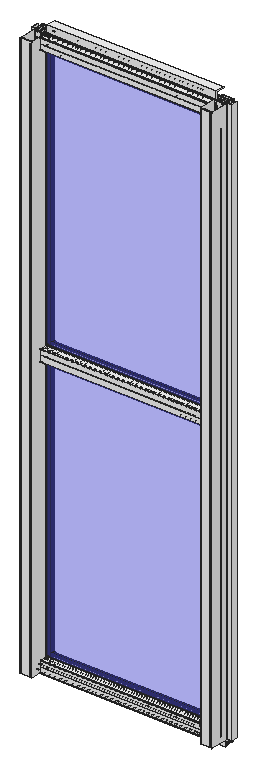
Revit family "Facade_60_Curtain_Wall_S12_Custom", category Windows, host Wall, Revit 2014 (continued)
Definition of nested family "F60 Vertical Profile Side_S12_Cust"
  Automatic sketch dimensions
    Extrusion 10 sketch curve to Extrusion 10 sketch curve = 15.584 mm  (x2)
    Extrusion 10 sketch curve to Extrusion 10 sketch curve = 0.808 mm  (x2)
    Extrusion 10 sketch curve to Extrusion 10 sketch curve = 3.038 mm
    Extrusion 10 sketch curve to Extrusion 10 sketch curve = 0.865 mm
    Extrusion 10 sketch curve to Extrusion 10 sketch curve = 1.25 mm  (x5)
    Extrusion 10 sketch curve to Extrusion 10 sketch curve = 0.61 mm
    plane 1 "Center (Front/Back)" to Extrusion 10 sketch curve = 31.288 mm
    Extrusion 10 sketch curve to Extrusion 10 sketch curve = 0.362 mm
    plane 1 "Center (Front/Back)" to Extrusion 10 sketch curve = 31.65 mm
    Extrusion 10 sketch curve to Extrusion 10 sketch curve = 0.962 mm
    Extrusion 10 sketch curve to Extrusion 10 sketch curve = 0.85 mm
    Extrusion 10 sketch curve to Extrusion 10 sketch curve = 0.512 mm  (x2)
    Extrusion 10 sketch curve to Extrusion 10 sketch curve = 0.4 mm  (x2)
    Extrusion 10 sketch curve to Extrusion 10 sketch curve = 1 mm
    Extrusion 10 sketch curve to Extrusion 10 sketch curve = 2.8 mm
    Extrusion 10 sketch curve to Extrusion 10 sketch curve = 0 mm  (x2)
    Extrusion 10 sketch curve to Extrusion 10 sketch curve = 1.4 mm
    Extrusion 10 sketch curve to Extrusion 10 sketch curve = 0.539 mm  (x2)
    plane 1 "Center (Front/Back)" to Extrusion 10 sketch curve = 28.864 mm
    Extrusion 11 sketch curve to plane 3 "Center (Left/Right)" = 0 mm
    plane 3 "Center (Left/Right)" to Extrusion 11 sketch curve = 0.65 mm
    Extrusion 11 sketch curve to Extrusion 11 sketch curve = 0.128 mm  (x2)
    plane 3 "Center (Left/Right)" to Extrusion 11 sketch curve = 1.014 mm
    plane 3 "Center (Left/Right)" to Extrusion 11 sketch curve = 1.05 mm
    Extrusion 11 sketch curve to Extrusion 11 sketch curve = 0.469 mm  (x2)
    Extrusion 11 sketch curve to Extrusion 11 sketch curve = 1.079 mm
    Extrusion 11 sketch curve to Extrusion 11 sketch curve = 1.317 mm  (x2)
    Extrusion 11 sketch curve to Extrusion 11 sketch curve = 0 mm  (x3)
    plane 3 "Center (Left/Right)" to Extrusion 11 sketch curve = 3.85 mm
    Extrusion 11 sketch curve to Extrusion 11 sketch curve = 0.15 mm  (x2)
    Extrusion 11 sketch curve to Extrusion 11 sketch curve = 26 mm  (x2)
    Extrusion 11 sketch curve to Extrusion 11 sketch curve = 1.05 mm
    Extrusion 11 sketch curve to Extrusion 11 sketch curve = 0.707 mm
    Extrusion 11 sketch curve to Extrusion 11 sketch curve = 0.433 mm
    plane 1 "Center (Front/Back)" to Extrusion 11 sketch curve = 31.288 mm
    plane 1 "Center (Front/Back)" to Extrusion 11 sketch curve = 28.065 mm
    Extrusion 11 sketch curve to Extrusion 11 sketch curve = 1.314 mm
    Extrusion 11 sketch curve to Extrusion 11 sketch curve = 0.65 mm
    Extrusion 11 sketch curve to Extrusion 11 sketch curve = 0.5 mm  (x2)
    plane 1 "Center (Front/Back)" to Extrusion 11 sketch curve = 32.75 mm
    Extrusion 11 sketch curve to Extrusion 11 sketch curve = 0.1 mm  (x3)
    Extrusion 11 sketch curve to Extrusion 11 sketch curve = 1.1 mm  (x2)
    Extrusion 11 sketch curve to Extrusion 11 sketch curve = 8.608 mm
    Extrusion 11 sketch curve to Extrusion 11 sketch curve = 0.962 mm
    Extrusion 12 sketch curve to plane 3 "Center (Left/Right)" = 21.349 mm
    Extrusion 12 sketch curve to Extrusion 12 sketch curve = 6.35 mm
    plane 3 "Center (Left/Right)" to Extrusion 12 sketch curve = 10.403 mm
    plane 1 "Center (Front/Back)" to Extrusion 12 sketch curve = 35.567 mm
    plane 1 "Center (Front/Back)" to Extrusion 12 sketch curve = 10.171 mm
    plane 1 "Center (Front/Back)" to Extrusion 12 sketch curve = 3.821 mm
    Extrusion 13 sketch curve to plane 3 "Center (Left/Right)" = 21.35 mm
    Extrusion 13 sketch curve to Extrusion 13 sketch curve = 6.35 mm
    plane 3 "Center (Left/Right)" to Extrusion 13 sketch curve = 10.402 mm
    plane 1 "Center (Front/Back)" to Extrusion 13 sketch curve = 33.172 mm
    plane 1 "Center (Front/Back)" to Extrusion 13 sketch curve = 7.775 mm
    plane 1 "Center (Front/Back)" to Extrusion 13 sketch curve = 1.425 mm
    Extrusion 14 sketch curve to plane 3 "Center (Left/Right)" = 0 mm
    plane 3 "Center (Left/Right)" to Extrusion 14 sketch curve = 1.2 mm
    Extrusion 14 sketch curve to Extrusion 14 sketch curve = 9.6 mm
    Extrusion 14 sketch curve to Extrusion 14 sketch curve = 1.2 mm  (x3)
    plane 1 "Center (Front/Back)" to Extrusion 14 sketch curve = 25.775 mm
    plane 1 "Center (Front/Back)" to Extrusion 14 sketch curve = 8.975 mm
    curve 4 to Extrusion 6 = 0 mm
    curve 3 to Extrusion 6 = 0 mm
    curve 1 to Extrusion 6 = 0 mm
    curve 4 to Extrusion 6 = 3.6 mm
    curve 3 to Extrusion 6 = 3.6 mm
    curve 1 to Extrusion 6 = 3.6 mm
    Extrusion 6 to curve 2 = 1 mm
    Extrusion 6 to curve 5 = 1 mm
    Extrusion 6 to curve 6 = 1 mm
    curve 6 to Extrusion 6 = 1 mm
    curve 5 to Extrusion 6 = 1 mm
    curve 2 to Extrusion 6 = 1 mm
    curve 9 to Extrusion 6 = 0 mm
    curve 8 to Extrusion 6 = 0 mm
    curve 7 to Extrusion 6 = 0 mm
    Extrusion 6 to curve 8 = 3.6 mm
    Extrusion 6 to curve 9 = 3.6 mm
    Extrusion 6 to curve 7 = 3.6 mm
    curve 12 to Extrusion 5 = 25.894 mm
    curve 11 to Extrusion 5 = 25.894 mm
    curve 10 to Extrusion 5 = 25.894 mm
    curve 10 to Extrusion 5 = 0.108 mm
    Extrusion 5 to curve 12 = 0.703 mm
    Extrusion 5 to curve 11 = 0.703 mm
    curve 13 to Extrusion 5 = 4 mm
    curve 14 to Extrusion 5 = 4 mm
    curve 15 to Extrusion 5 = 4 mm
    Extrusion 5 to curve 15 = 0.702 mm
    Extrusion 5 to curve 14 = 0.702 mm
    Extrusion 5 to curve 13 = 0.702 mm
    curve 18 to Extrusion 7 = 0 mm
    curve 17 to Extrusion 7 = 0 mm
    curve 16 to Extrusion 7 = 0 mm
    Extrusion 7 to curve 17 = 3.6 mm
    Extrusion 7 to curve 18 = 3.6 mm
    Extrusion 7 to curve 16 = 3.6 mm
    Extrusion 7 to curve 21 = 1 mm  (x2)
    Extrusion 7 to curve 20 = 1 mm  (x2)
    Extrusion 7 to curve 19 = 1 mm  (x2)
    curve 24 to Extrusion 7 = 0 mm
    curve 23 to Extrusion 7 = 0 mm
    curve 22 to Extrusion 7 = 0 mm
    curve 24 to Extrusion 7 = 3.6 mm
    curve 23 to Extrusion 7 = 3.6 mm
    curve 22 to Extrusion 7 = 3.6 mm
    curve 27 to Extrusion 8 = 0 mm
    curve 26 to Extrusion 8 = 0 mm
    curve 25 to Extrusion 8 = 0 mm
    Extrusion 8 to curve 26 = 3.6 mm
    Extrusion 8 to curve 27 = 3.6 mm
    Extrusion 8 to curve 25 = 3.6 mm
    Extrusion 8 to curve 30 = 0.221 mm
    Extrusion 8 to curve 29 = 0.221 mm
    Extrusion 8 to curve 28 = 0.221 mm
    curve 29 to Extrusion 8 = 0.222 mm
    curve 30 to Extrusion 8 = 0.222 mm
    curve 28 to Extrusion 8 = 0.222 mm
    curve 33 to Extrusion 8 = 0 mm
    curve 32 to Extrusion 8 = 0 mm
    curve 31 to Extrusion 8 = 0 mm
    curve 33 to Extrusion 8 = 3.6 mm
    curve 32 to Extrusion 8 = 3.6 mm
    curve 31 to Extrusion 8 = 3.6 mm
    curve 34 to Extrusion 11 = 4.016 mm
    curve 35 to Extrusion 11 = 4.016 mm
    curve 36 to Extrusion 11 = 3.97 mm
    Extrusion 11 to curve 36 = 0.637 mm
    Extrusion 11 to curve 35 = 0.637 mm
    Extrusion 11 to curve 34 = 0.637 mm
    curve 37 to Extrusion 11 = 29.221 mm
    curve 38 to Extrusion 11 = 29.221 mm
    curve 39 to Extrusion 11 = 29.221 mm
    Extrusion 11 to curve 39 = 3.222 mm
    Extrusion 11 to curve 38 = 3.222 mm
    Extrusion 11 to curve 37 = 3.222 mm
Definition of nested family "F60 Horizontal Profile Top_S12_Cust"
  Parameters (values of type "F60 Horizontal Profile Top")
    Thermal Break Material [instance] = none
    Single Glazing [instance] = yes
    Profile Material [instance] = none
    Length [instance] = 250 mm
    Double Glazing [instance] = yes
  Reference planes
    plane 1 "Center (Front/Back)": y = 0
    plane 2: z = 0
    plane 3 "Center (Left/Right)": x = 0
  Forms (mm)
    Extrusion 1, solid, material <- "Profile Material"
      sketch origin (0, 0, 0) x (0, 1, 0) y (0, 0, 1)
        loop
          line (-9.94, 7.845) -> (-8.37, 6.275) -> (-1.2, 10.415) -> (-1.2, 1.2) -> (-5, 1.2) -> (-5, 0) -> (-1, 0)
          arc (-1, 0) -> (-0.293, 0.293) -> (0, 1) r 1
          line (0, 1) -> (0, 30) -> (0, 59)
          arc (0, 59) -> (-0.293, 59.707) -> (-1, 60) r 1
          line (-1, 60) -> (-5, 60) -> (-5, 58.8) -> (-1.2, 58.8) -> (-1.2, 49.585) -> (-8.37, 53.725) -> (-9.94, 52.155)
          arc (-9.94, 52.155) -> (-9.902, 51.269) -> (-9.016, 51.232) r 0.655
          line (-9.016, 51.232) -> (-8.077, 52.17) -> (-1.2, 48.2) -> (-1.2, 30) -> (-1.2, 11.8) -> (-8.077, 7.83) -> (-9.016, 8.768)
          arc (-9.016, 8.768) -> (-9.902, 8.731) -> (-9.94, 7.845) r 0.655
      from 0 to 250 <- "Length"
    Extrusion 2, solid, material <- "Profile Material"
      sketch origin (0, 0, 0) x (0, 1, 0) y (0, 0, 1)
        loop
          line (-5, 60) -> (-44.6, 60) -> (-44.6, 58.35) -> (-39.944, 58.35) -> (-39.944, 1.65) -> (-44.6, 1.65) -> (-44.6, 0) -> (-5, 0) -> (-5, 2.2) -> (-4.2, 2.2) -> (-4.2, 3.018)
          arc (-4.2, 3.018) -> (-4.352, 3.783) -> (-4.786, 4.432) r 2
          line (-4.786, 4.432) -> (-7.054, 6.7) -> (-8, 6.489) -> (-8, 5.7) -> (-7.205, 5.7) -> (-7.205, 2.95) -> (-8, 2.95) -> (-8, 1.95) -> (-12.752, 1.95) -> (-12.752, 6.7) -> (-14.152, 6.7) -> (-14.152, 1.65) -> (-38.65, 1.65) -> (-38.65, 8.33) -> (-37.097, 8.33) -> (-34.666, 6.973)
          arc (-34.666, 6.973) -> (-33.846, 7.192) -> (-34.066, 8.012) r 0.6
          line (-34.066, 8.012) -> (-37.128, 9.78) -> (-38.65, 9.78) -> (-38.65, 12.65) -> (-37.6, 13.7) -> (-37.6, 20.3) -> (-38.65, 21.35) -> (-38.65, 38.65) -> (-37.6, 39.7) -> (-37.6, 46.3) -> (-38.65, 47.35) -> (-38.65, 50.22) -> (-37.128, 50.22) -> (-34.066, 51.988)
          arc (-34.066, 51.988) -> (-33.846, 52.808) -> (-34.666, 53.027) r 0.6
          line (-34.666, 53.027) -> (-37.032, 51.661) -> (-38.65, 51.661) -> (-38.65, 58.35) -> (-14.152, 58.35) -> (-14.152, 53.3) -> (-12.752, 53.3) -> (-12.752, 58.05) -> (-8, 58.05) -> (-8, 57.05) -> (-7.205, 57.05) -> (-7.205, 54.3) -> (-8, 54.3) -> (-8, 53.511) -> (-7.054, 53.3) -> (-4.786, 55.568)
          arc (-4.786, 55.568) -> (-4.352, 56.217) -> (-4.2, 56.982) r 2
          line (-4.2, 56.982) -> (-4.2, 57.8) -> (-5, 57.8) -> (-5, 60)
      from 0 to 250 <- "Length"
    Extrusion 3, solid, material <- "Thermal Break Material"
      sketch origin (0, 0, 0) x (0, 1, 0) y (0, 0, 1)
        loop
          line (-40, 1.75) -> (-40, 30) -> (-40, 58.25) -> (-44.6, 58.25) -> (-44.6, 60) -> (-45.9, 60) -> (-45.9, 53.65) -> (-41.788, 53.65)
          arc (-41.788, 53.65) -> (-41.363, 53.474) -> (-41.187, 53.05) r 0.6
          line (-41.187, 53.05) -> (-41.187, 30) -> (-41.187, 6.95)
          arc (-41.187, 6.95) -> (-41.363, 6.526) -> (-41.788, 6.35) r 0.6
          line (-41.788, 6.35) -> (-45.9, 6.35) -> (-45.9, 0) -> (-44.6, 0) -> (-44.6, 1.75) -> (-40, 1.75)
      from 0 to 250 <- "Length"
    Extrusion 4, solid, material <- "Profile Material"
      sketch origin (0, 0, 0) x (0, 1, 0) y (0, 0, 1)
        loop
          line (-58.5, 25.249) -> (-43.6, 25.249)
          arc (-43.6, 25.249) -> (-43.034, 25.015) -> (-42.8, 24.449) r 0.8
          line (-42.8, 24.449) -> (-42.8, 7.9) -> (-44.4, 7.9) -> (-44.4, 9.45) -> (-45.25, 9.45)
          arc (-45.25, 9.45) -> (-45.674, 9.274) -> (-45.85, 8.85) r 0.6
          line (-45.85, 8.85) -> (-45.85, 7.9) -> (-48.8, 7.9)
          arc (-48.8, 7.9) -> (-49.3, 8.4) -> (-49.8, 7.9) r 0.5
          line (-49.8, 7.9) -> (-49.8, 5.55) -> (-48.65, 5.55) -> (-48.65, 6.7) -> (-47.35, 6.7) -> (-47.35, 1.2) -> (-48.65, 1.2) -> (-48.65, 2.35) -> (-49.8, 2.35) -> (-49.8, 0.5)
          arc (-49.8, 0.5) -> (-49.654, 0.146) -> (-49.3, 0) r 0.5
          line (-49.3, 0) -> (-45.9, 0) -> (-45.9, 6.45) -> (-42.2, 6.45)
          arc (-42.2, 6.45) -> (-41.634, 6.684) -> (-41.4, 7.25) r 0.8
          line (-41.4, 7.25) -> (-41.4, 30) -> (-41.4, 52.75)
          arc (-41.4, 52.75) -> (-41.634, 53.316) -> (-42.2, 53.55) r 0.8
          line (-42.2, 53.55) -> (-45.9, 53.55) -> (-45.9, 60) -> (-49.3, 60)
          arc (-49.3, 60) -> (-49.654, 59.854) -> (-49.8, 59.5) r 0.5
          line (-49.8, 59.5) -> (-49.8, 57.65) -> (-48.65, 57.65) -> (-48.65, 58.8) -> (-47.35, 58.8) -> (-47.35, 53.3) -> (-48.65, 53.3) -> (-48.65, 54.45) -> (-49.8, 54.45) -> (-49.8, 52.1)
          arc (-49.8, 52.1) -> (-49.3, 51.6) -> (-48.8, 52.1) r 0.5
          line (-48.8, 52.1) -> (-45.85, 52.1) -> (-45.85, 51.15)
          arc (-45.85, 51.15) -> (-45.674, 50.726) -> (-45.25, 50.55) r 0.6
          line (-45.25, 50.55) -> (-44.4, 50.55) -> (-44.4, 52.1) -> (-42.8, 52.1) -> (-42.8, 35.551)
          arc (-42.8, 35.551) -> (-43.034, 34.985) -> (-43.6, 34.751) r 0.8
          line (-43.6, 34.751) -> (-58.5, 34.751)
          arc (-58.5, 34.751) -> (-59.066, 34.516) -> (-59.3, 33.951) r 0.8
          line (-59.3, 33.951) -> (-59.3, 32.902) -> (-42.8, 32.902) -> (-42.8, 27.1) -> (-59.3, 27.1) -> (-59.3, 26.049)
          arc (-59.3, 26.049) -> (-59.066, 25.484) -> (-58.5, 25.249) r 0.8
      from 0 to 250 <- "Length"
    Extrusion 5, solid, material <- "Thermal Break Material", visible <- "Single Glazing"
      sketch origin (0, 0, 0) x (0, 1, 0) y (0, 0, 1)
        loop
          arc (-63.8, 25.751) -> (-63.654, 25.397) -> (-63.3, 25.251) r 0.5
          line (-63.3, 25.251) -> (-59.8, 25.251)
          arc (-59.8, 25.251) -> (-59.446, 25.397) -> (-59.3, 25.751) r 0.5
          line (-59.3, 25.751) -> (-59.3, 27.648) -> (-49.599, 27.648) -> (-47.528, 28.651)
          arc (-47.528, 28.651) -> (-46.803, 30.001) -> (-47.528, 31.351) r 1.62
          line (-47.528, 31.351) -> (-49.599, 32.353) -> (-59.3, 32.353) -> (-59.3, 34.251)
          arc (-59.3, 34.251) -> (-59.446, 34.604) -> (-59.8, 34.751) r 0.5
          line (-59.8, 34.751) -> (-63.3, 34.751)
          arc (-63.3, 34.751) -> (-63.654, 34.604) -> (-63.8, 34.251) r 0.5
          line (-63.8, 34.251) -> (-63.8, 32.328) -> (-62.4, 31.52) -> (-62.4, 28.483) -> (-63.8, 27.673) -> (-63.8, 25.751)
        loop
          line (-59.794, 28.506) -> (-59.006, 29.294)
          arc (-59.006, 29.294) -> (-58.788, 29.618) -> (-58.713, 30.001) r 0.986
          arc (-58.713, 30.001) -> (-58.79, 30.384) -> (-59.008, 30.71) r 1.007
          line (-59.008, 30.71) -> (-59.794, 31.496) -> (-60.65, 31.496)
          arc (-60.65, 31.496) -> (-61.004, 31.349) -> (-61.15, 30.996) r 0.5
          line (-61.15, 30.996) -> (-61.15, 29.006)
          arc (-61.15, 29.006) -> (-61.004, 28.652) -> (-60.65, 28.506) r 0.5
          line (-60.65, 28.506) -> (-59.794, 28.506)
        loop
          line (-47.854, 30.898) -> (-49.415, 31.653) -> (-56.782, 31.653)
          arc (-56.782, 31.653) -> (-57.207, 31.417) -> (-57.23, 30.932) r 0.5
          arc (-57.23, 30.932) -> (-57.013, 30.001) -> (-57.23, 29.07) r 2.099
          arc (-57.23, 29.07) -> (-57.207, 28.584) -> (-56.782, 28.348) r 0.5
          line (-56.782, 28.348) -> (-49.415, 28.348) -> (-48.055, 29.007)
          arc (-48.055, 29.007) -> (-47.35, 29.888) -> (-47.854, 30.898) r 1.047
      from 0 to 250 <- "Length"
    Extrusion 6, solid, material <- "Profile Material", visible <- "Single Glazing"
      sketch origin (0, 0, 0) x (0, 1, 0) y (0, 0, 1)
        loop
          line (-63.8, 52.694) -> (-64.8, 52.694) -> (-64.8, 51.544) -> (-66.05, 51.544) -> (-66.05, 57.044) -> (-64.8, 57.044) -> (-64.8, 55.894) -> (-63.8, 55.894) -> (-63.8, 58.294)
          arc (-63.8, 58.294) -> (-64.082, 58.803) -> (-64.664, 58.835) r 0.6
          line (-64.664, 58.835) -> (-66.562, 57.91) -> (-67.088, 58.988) -> (-68.05, 58.519) -> (-68.05, 48.513)
          arc (-68.05, 48.513) -> (-67.874, 48.089) -> (-67.45, 47.913) r 0.6
          line (-67.45, 47.913) -> (-66.6, 47.913) -> (-66.6, 12.09) -> (-67.45, 12.09)
          arc (-67.45, 12.09) -> (-67.874, 11.914) -> (-68.05, 11.49) r 0.6
          line (-68.05, 11.49) -> (-68.05, 1.485) -> (-67.088, 1.016) -> (-66.562, 2.095) -> (-64.663, 1.169)
          arc (-64.663, 1.169) -> (-64.082, 1.2) -> (-63.8, 1.709) r 0.6
          line (-63.8, 1.709) -> (-63.8, 4.109) -> (-64.8, 4.109) -> (-64.8, 2.959) -> (-66.05, 2.959) -> (-66.05, 8.459) -> (-64.8, 8.459) -> (-64.8, 7.309) -> (-63.8, 7.309) -> (-63.8, 27.674) -> (-62.4, 28.483) -> (-62.4, 31.521) -> (-63.8, 32.329) -> (-63.8, 52.694)
      from 0 to 250 <- "Length"
    Extrusion 7, solid, material <- "Profile Material", visible <- "Single Glazing"
      sketch origin (0, 0, 0) x (0, 1, 0) y (0, 0, 1)
        loop
          line (-68.551, 3.3) -> (-76.559, 3.3) -> (-76.559, 30) -> (-76.559, 56.15)
          arc (-76.559, 56.15) -> (-75.739, 58.13) -> (-73.759, 58.95) r 2.8
          line (-73.759, 58.95) -> (-69.151, 58.95) -> (-69.151, 57.2)
          arc (-69.151, 57.2) -> (-68.987, 56.829) -> (-68.601, 56.703) r 0.5
          arc (-68.601, 56.703) -> (-68.216, 56.829) -> (-68.051, 57.2) r 0.5
          line (-68.051, 57.2) -> (-68.051, 58.517) -> (-67.089, 58.986) -> (-66.563, 57.907) -> (-63.866, 59.222)
          arc (-63.866, 59.222) -> (-64.001, 59.762) -> (-64.504, 60) r 0.65
          line (-64.504, 60) -> (-73.859, 60)
          arc (-73.859, 60) -> (-76.687, 58.828) -> (-77.859, 56) r 4
          line (-77.859, 56) -> (-77.859, 30) -> (-77.859, 2.493)
          arc (-77.859, 2.493) -> (-77.197, 0.799) -> (-75.562, 0.002) r 2.5
          arc (-75.562, 0.002) -> (-75.182, 0.132) -> (-75.021, 0.5) r 0.5
          line (-75.021, 0.5) -> (-75.021, 2) -> (-69.151, 2) -> (-69.151, 0.5)
          arc (-69.151, 0.5) -> (-69.005, 0.146) -> (-68.651, 0) r 0.5
          line (-68.651, 0) -> (-64.504, 0)
          arc (-64.504, 0) -> (-64.001, 0.238) -> (-63.866, 0.778) r 0.65
          line (-63.866, 0.778) -> (-66.563, 2.093) -> (-67.089, 1.014) -> (-68.051, 1.483) -> (-68.051, 2.8)
          arc (-68.051, 2.8) -> (-68.198, 3.154) -> (-68.551, 3.3) r 0.5
      from 0 to 250 <- "Length"
    Extrusion 8, solid, material <- "Thermal Break Material", visible <- "Double Glazing"
      sketch origin (0, 0, 0) x (0, 1, 0) y (0, 0, 1)
        loop
          line (-77.8, 27.673) -> (-77.8, 25.751)
          arc (-77.8, 25.751) -> (-77.654, 25.397) -> (-77.3, 25.251) r 0.5
          line (-77.3, 25.251) -> (-59.8, 25.251)
          arc (-59.8, 25.251) -> (-59.446, 25.397) -> (-59.3, 25.751) r 0.5
          line (-59.3, 25.751) -> (-59.3, 27.647) -> (-49.599, 27.647) -> (-47.528, 28.649)
          arc (-47.528, 28.649) -> (-46.803, 29.999) -> (-47.528, 31.349) r 1.62
          line (-47.528, 31.349) -> (-49.602, 32.353) -> (-59.3, 32.353) -> (-59.3, 34.251)
          arc (-59.3, 34.251) -> (-59.446, 34.604) -> (-59.8, 34.751) r 0.5
          line (-59.8, 34.751) -> (-77.3, 34.751)
          arc (-77.3, 34.751) -> (-77.654, 34.604) -> (-77.8, 34.251) r 0.5
          line (-77.8, 34.251) -> (-77.8, 32.327) -> (-76.4, 31.52) -> (-76.4, 28.482) -> (-77.8, 27.673)
        loop
          line (-59.006, 30.708) -> (-61.156, 32.858)
          arc (-61.156, 32.858) -> (-61.48, 33.074) -> (-61.863, 33.151) r 1
          line (-61.863, 33.151) -> (-73.8, 33.151)
          arc (-73.8, 33.151) -> (-74.507, 32.858) -> (-74.8, 32.151) r 1
          line (-74.8, 32.151) -> (-74.8, 27.851)
          arc (-74.8, 27.851) -> (-74.507, 27.144) -> (-73.8, 26.851) r 1
          line (-73.8, 26.851) -> (-61.863, 26.851)
          arc (-61.863, 26.851) -> (-61.48, 26.927) -> (-61.156, 27.144) r 1
          line (-61.156, 27.144) -> (-59.006, 29.294)
          arc (-59.006, 29.294) -> (-58.788, 29.618) -> (-58.713, 30.001) r 0.986
          arc (-58.713, 30.001) -> (-58.79, 30.383) -> (-59.006, 30.708) r 1.007
        loop
          line (-56.782, 28.347) -> (-49.415, 28.347) -> (-48.055, 29.005)
          arc (-48.055, 29.005) -> (-47.35, 29.887) -> (-47.854, 30.896) r 1.047
          line (-47.854, 30.896) -> (-49.415, 31.652) -> (-56.782, 31.652)
          arc (-56.782, 31.652) -> (-57.207, 31.416) -> (-57.23, 30.93) r 0.5
          arc (-57.23, 30.93) -> (-57.013, 29.999) -> (-57.23, 29.068) r 2.099
          arc (-57.23, 29.068) -> (-57.207, 28.583) -> (-56.782, 28.347) r 0.5
      from 0 to 250 <- "Length"
    Extrusion 9, solid, material <- "Profile Material", visible <- "Double Glazing"
      sketch origin (0, 0, 0) x (0, 1, 0) y (0, 0, 1)
        loop
          line (-77.8, 52.694) -> (-78.8, 52.694) -> (-78.8, 51.544) -> (-80.05, 51.544) -> (-80.05, 57.044) -> (-78.8, 57.044) -> (-78.8, 55.894) -> (-77.8, 55.894) -> (-77.8, 58.294)
          arc (-77.8, 58.294) -> (-78.082, 58.802) -> (-78.664, 58.834) r 0.6
          line (-78.664, 58.834) -> (-80.562, 57.909) -> (-81.088, 58.988) -> (-82.05, 58.518) -> (-82.05, 48.512)
          arc (-82.05, 48.512) -> (-81.874, 48.088) -> (-81.45, 47.912) r 0.6
          line (-81.45, 47.912) -> (-80.6, 47.912) -> (-80.6, 12.089) -> (-81.45, 12.089)
          arc (-81.45, 12.089) -> (-81.874, 11.913) -> (-82.05, 11.489) r 0.6
          line (-82.05, 11.489) -> (-82.05, 1.484) -> (-81.088, 1.015) -> (-80.562, 2.094) -> (-78.663, 1.169)
          arc (-78.663, 1.169) -> (-78.082, 1.199) -> (-77.8, 1.708) r 0.6
          line (-77.8, 1.708) -> (-77.8, 4.108) -> (-78.8, 4.108) -> (-78.8, 2.958) -> (-80.05, 2.958) -> (-80.05, 8.458) -> (-78.8, 8.458) -> (-78.8, 7.308) -> (-77.8, 7.308) -> (-77.8, 27.673) -> (-76.4, 28.482) -> (-76.4, 31.52) -> (-77.8, 32.328) -> (-77.8, 52.694)
      from 0 to 250 <- "Length"
    Extrusion 10, solid, material <- "Profile Material", visible <- "Double Glazing"
      sketch origin (0, 0, 0) x (0, 1, 0) y (0, 0, 1)
        loop
          line (-82.551, 3.3) -> (-90.558, 3.3) -> (-90.558, 30) -> (-90.558, 56.15)
          arc (-90.558, 56.15) -> (-89.738, 58.13) -> (-87.758, 58.95) r 2.8
          line (-87.758, 58.95) -> (-83.151, 58.95) -> (-83.151, 57.2)
          arc (-83.151, 57.2) -> (-82.986, 56.829) -> (-82.601, 56.703) r 0.5
          arc (-82.601, 56.703) -> (-82.215, 56.829) -> (-82.051, 57.2) r 0.5
          line (-82.051, 57.2) -> (-82.051, 58.517) -> (-81.088, 58.986) -> (-80.563, 57.907) -> (-77.866, 59.222)
          arc (-77.866, 59.222) -> (-78, 59.762) -> (-78.503, 60) r 0.65
          line (-78.503, 60) -> (-87.858, 60)
          arc (-87.858, 60) -> (-90.687, 58.828) -> (-91.858, 56) r 4
          line (-91.858, 56) -> (-91.858, 30) -> (-91.858, 2.493)
          arc (-91.858, 2.493) -> (-91.196, 0.799) -> (-89.561, 0.002) r 2.5
          arc (-89.561, 0.002) -> (-89.182, 0.132) -> (-89.021, 0.5) r 0.5
          line (-89.021, 0.5) -> (-89.021, 2) -> (-83.151, 2) -> (-83.151, 0.5)
          arc (-83.151, 0.5) -> (-83.004, 0.146) -> (-82.651, 0) r 0.5
          line (-82.651, 0) -> (-78.503, 0)
          arc (-78.503, 0) -> (-78, 0.238) -> (-77.866, 0.778) r 0.65
          line (-77.866, 0.778) -> (-80.563, 2.093) -> (-81.088, 1.014) -> (-82.051, 1.483) -> (-82.051, 2.8)
          arc (-82.051, 2.8) -> (-82.197, 3.154) -> (-82.551, 3.3) r 0.5
      from 0 to 250 <- "Length"
    Extrusion 11, solid, material <- "Profile Material", visible <- "Double Glazing"
      sketch origin (0, 0, 0) x (0, 1, 0) y (0, 0, 1)
        loop
          line (-57.8, 45.73) -> (-51.8, 45.73) -> (-51.8, 95.73) -> (-101.8, 95.73) -> (-101.8, 89.73) -> (-57.8, 89.73) -> (-57.8, 45.73)
      from 0 to 250 <- "Length"
    Extrusion 12, solid, material <- "Profile Material", visible <- "Double Glazing"
      sketch origin (0, 0, 0) x (0, 1, 0) y (0, 0, 1)
        loop
          line (-75.8, 48) -> (-57.8, 48) -> (-57.8, 60) -> (-75.8, 60) -> (-75.8, 48)
        loop
          line (-74.6, 49.2) -> (-59, 49.2) -> (-59, 58.8) -> (-74.6, 58.8) -> (-74.6, 49.2)
      from 0 to 250 <- "Length"
    Extrusion 13, solid, material <- "Profile Material", visible <- "Single Glazing"
      sketch origin (0, 0, 0) x (0, 1, 0) y (0, 0, 1)
        loop
          line (-59.8, 45.865) -> (-53.8, 45.865) -> (-53.8, 95.865) -> (-103.8, 95.865) -> (-103.8, 89.865) -> (-59.8, 89.865) -> (-59.8, 45.865)
      from 0 to 250 <- "Length"
  Dimensions and locks
    aligned and locked: level to plane 2
Definition of nested family "F60 Sill_S12_Cust"
  Parameters (values of type "F60 Sill")
    Profile Material [instance] = none
    Length Sill [instance] = 250 mm
  Reference planes
    plane 1 "Center (Front/Back)": y = 0
    plane 2: z = 0
    plane 3 "Center (Left/Right)": x = 0
  Forms (mm)
    Extrusion 1, solid, material <- "Profile Material"
      sketch origin (0, 0, 0) x (0, 1, 0) y (0, 0, 1)
        loop
          line (-42.734, 5.324) -> (-48.256, 4.643)
          arc (-48.256, 4.643) -> (-49.196, 4.147) -> (-49.572, 3.154) r 1.5
          line (-49.572, 3.154) -> (-49.572, 1.88) -> (-47.772, 1.88) -> (-47.772, 3.191) -> (-19.233, 6.714)
          arc (-19.233, 6.714) -> (-17.924, 7.083) -> (-16.785, 7.826) r 4.5
          line (-16.785, 7.826) -> (-16.785, 1.88) -> (-15.285, 1.88) -> (-15.285, 24.58)
          arc (-15.285, 24.58) -> (-15.109, 25.004) -> (-14.685, 25.18) r 0.6
          line (-14.685, 25.18) -> (-4.072, 25.18) -> (-4.072, 1.88) -> (-2.572, 1.88) -> (-2.572, 29.88) -> (-4.072, 29.88) -> (-4.072, 28.88) -> (-5.222, 28.88) -> (-5.222, 27.68) -> (-4.072, 27.68) -> (-4.072, 26.38) -> (-9.572, 26.38) -> (-9.572, 27.68) -> (-8.422, 27.68) -> (-8.422, 28.88) -> (-10.172, 28.88)
          arc (-10.172, 28.88) -> (-10.597, 28.704) -> (-10.772, 28.28) r 0.6
          line (-10.772, 28.28) -> (-10.772, 26.38) -> (-15.285, 26.38)
          arc (-15.285, 26.38) -> (-16.345, 25.941) -> (-16.785, 24.88) r 1.5
          line (-16.785, 24.88) -> (-16.785, 11.18)
          arc (-16.785, 11.18) -> (-17.537, 9.193) -> (-19.417, 8.203) r 3
          line (-19.417, 8.203) -> (-39.35, 5.742)
          arc (-39.35, 5.742) -> (-40.527, 6.107) -> (-41.034, 7.231) r 1.5
          line (-41.034, 7.231) -> (-41.034, 19.996)
          arc (-41.034, 19.996) -> (-40.883, 20.394) -> (-40.507, 20.592) r 0.6
          line (-40.507, 20.592) -> (-32.917, 21.529)
          arc (-32.917, 21.529) -> (-31.977, 22.024) -> (-31.601, 23.017) r 1.5
          line (-31.601, 23.017) -> (-31.601, 28.88) -> (-33.101, 28.88) -> (-33.101, 23.548)
          arc (-33.101, 23.548) -> (-33.251, 23.15) -> (-33.627, 22.952) r 0.6
          line (-33.627, 22.952) -> (-45.787, 21.451)
          arc (-45.787, 21.451) -> (-46.727, 20.956) -> (-47.104, 19.962) r 1.5
          line (-47.104, 19.962) -> (-47.104, 19.054)
          arc (-47.104, 19.054) -> (-46.957, 18.7) -> (-46.604, 18.554) r 0.5
          line (-46.604, 18.554) -> (-45.604, 18.554) -> (-45.604, 19.962) -> (-42.734, 20.317) -> (-42.734, 5.324)
      from 0 to 250 <- "Length Sill"
  Dimensions and locks
    aligned and locked: level to plane 2
Definition of nested family "F60 Horizontal Profile Bottom_S12_Cust"
  Parameters (values of type "F60 Horizontal Profile Bottom")
    Thermal Break Material [instance] = none
    Single Glazing [instance] = yes
    Profile Material [instance] = none
    Length [instance] = 250 mm
    Double Glazing [instance] = yes
  Reference planes
    plane 1 "Center (Front/Back)": y = 0
    plane 2: z = 0
    plane 3 "Center (Left/Right)": x = 0
  Forms (mm)
    Extrusion 1, solid, material <- "Profile Material"
      sketch origin (0, 0, 0) x (0, 1, 0) y (0, 0, 1)
        loop
          line (-9.94, 7.845) -> (-8.37, 6.275) -> (-1.2, 10.415) -> (-1.2, 1.2) -> (-5, 1.2) -> (-5, 0) -> (-1, 0)
          arc (-1, 0) -> (-0.293, 0.293) -> (0, 1) r 1
          line (0, 1) -> (0, 30) -> (0, 59)
          arc (0, 59) -> (-0.293, 59.707) -> (-1, 60) r 1
          line (-1, 60) -> (-5, 60) -> (-5, 58.8) -> (-1.2, 58.8) -> (-1.2, 49.585) -> (-8.37, 53.725) -> (-9.94, 52.155)
          arc (-9.94, 52.155) -> (-9.902, 51.269) -> (-9.016, 51.232) r 0.655
          line (-9.016, 51.232) -> (-8.077, 52.17) -> (-1.2, 48.2) -> (-1.2, 30) -> (-1.2, 11.8) -> (-8.077, 7.83) -> (-9.016, 8.768)
          arc (-9.016, 8.768) -> (-9.902, 8.731) -> (-9.94, 7.845) r 0.655
      from 0 to 250 <- "Length"
    Extrusion 2, solid, material <- "Profile Material"
      sketch origin (0, 0, 0) x (0, 1, 0) y (0, 0, 1)
        loop
          line (-5, 60) -> (-44.6, 60) -> (-44.6, 58.35) -> (-39.944, 58.35) -> (-39.944, 1.65) -> (-44.6, 1.65) -> (-44.6, 0) -> (-5, 0) -> (-5, 2.2) -> (-4.2, 2.2) -> (-4.2, 3.018)
          arc (-4.2, 3.018) -> (-4.352, 3.783) -> (-4.786, 4.432) r 2
          line (-4.786, 4.432) -> (-7.054, 6.7) -> (-8, 6.489) -> (-8, 5.7) -> (-7.205, 5.7) -> (-7.205, 2.95) -> (-8, 2.95) -> (-8, 1.95) -> (-12.752, 1.95) -> (-12.752, 6.7) -> (-14.152, 6.7) -> (-14.152, 1.65) -> (-38.65, 1.65) -> (-38.65, 8.33) -> (-37.097, 8.33) -> (-34.666, 6.973)
          arc (-34.666, 6.973) -> (-33.846, 7.192) -> (-34.066, 8.012) r 0.6
          line (-34.066, 8.012) -> (-37.128, 9.78) -> (-38.65, 9.78) -> (-38.65, 12.65) -> (-37.6, 13.7) -> (-37.6, 20.3) -> (-38.65, 21.35) -> (-38.65, 38.65) -> (-37.6, 39.7) -> (-37.6, 46.3) -> (-38.65, 47.35) -> (-38.65, 50.22) -> (-37.128, 50.22) -> (-34.066, 51.988)
          arc (-34.066, 51.988) -> (-33.846, 52.808) -> (-34.666, 53.027) r 0.6
          line (-34.666, 53.027) -> (-37.032, 51.661) -> (-38.65, 51.661) -> (-38.65, 58.35) -> (-14.152, 58.35) -> (-14.152, 53.3) -> (-12.752, 53.3) -> (-12.752, 58.05) -> (-8, 58.05) -> (-8, 57.05) -> (-7.205, 57.05) -> (-7.205, 54.3) -> (-8, 54.3) -> (-8, 53.511) -> (-7.054, 53.3) -> (-4.786, 55.568)
          arc (-4.786, 55.568) -> (-4.352, 56.217) -> (-4.2, 56.982) r 2
          line (-4.2, 56.982) -> (-4.2, 57.8) -> (-5, 57.8) -> (-5, 60)
      from 0 to 250 <- "Length"
    Extrusion 3, solid, material <- "Thermal Break Material"
      sketch origin (0, 0, 0) x (0, 1, 0) y (0, 0, 1)
        loop
          line (-40, 1.75) -> (-40, 30) -> (-40, 58.25) -> (-44.6, 58.25) -> (-44.6, 60) -> (-45.9, 60) -> (-45.9, 53.65) -> (-41.788, 53.65)
          arc (-41.788, 53.65) -> (-41.363, 53.474) -> (-41.187, 53.05) r 0.6
          line (-41.187, 53.05) -> (-41.187, 30) -> (-41.187, 6.95)
          arc (-41.187, 6.95) -> (-41.363, 6.526) -> (-41.788, 6.35) r 0.6
          line (-41.788, 6.35) -> (-45.9, 6.35) -> (-45.9, 0) -> (-44.6, 0) -> (-44.6, 1.75) -> (-40, 1.75)
      from 0 to 250 <- "Length"
    Extrusion 4, solid, material <- "Profile Material"
      sketch origin (0, 0, 0) x (0, 1, 0) y (0, 0, 1)
        loop
          line (-58.5, 25.249) -> (-43.6, 25.249)
          arc (-43.6, 25.249) -> (-43.034, 25.015) -> (-42.8, 24.449) r 0.8
          line (-42.8, 24.449) -> (-42.8, 7.9) -> (-44.4, 7.9) -> (-44.4, 9.45) -> (-45.25, 9.45)
          arc (-45.25, 9.45) -> (-45.674, 9.274) -> (-45.85, 8.85) r 0.6
          line (-45.85, 8.85) -> (-45.85, 7.9) -> (-48.8, 7.9)
          arc (-48.8, 7.9) -> (-49.3, 8.4) -> (-49.8, 7.9) r 0.5
          line (-49.8, 7.9) -> (-49.8, 5.55) -> (-48.65, 5.55) -> (-48.65, 6.7) -> (-47.35, 6.7) -> (-47.35, 1.2) -> (-48.65, 1.2) -> (-48.65, 2.35) -> (-49.8, 2.35) -> (-49.8, 0.5)
          arc (-49.8, 0.5) -> (-49.654, 0.146) -> (-49.3, 0) r 0.5
          line (-49.3, 0) -> (-45.9, 0) -> (-45.9, 6.45) -> (-42.2, 6.45)
          arc (-42.2, 6.45) -> (-41.634, 6.684) -> (-41.4, 7.25) r 0.8
          line (-41.4, 7.25) -> (-41.4, 30) -> (-41.4, 52.75)
          arc (-41.4, 52.75) -> (-41.634, 53.316) -> (-42.2, 53.55) r 0.8
          line (-42.2, 53.55) -> (-45.9, 53.55) -> (-45.9, 60) -> (-49.3, 60)
          arc (-49.3, 60) -> (-49.654, 59.854) -> (-49.8, 59.5) r 0.5
          line (-49.8, 59.5) -> (-49.8, 57.65) -> (-48.65, 57.65) -> (-48.65, 58.8) -> (-47.35, 58.8) -> (-47.35, 53.3) -> (-48.65, 53.3) -> (-48.65, 54.45) -> (-49.8, 54.45) -> (-49.8, 52.1)
          arc (-49.8, 52.1) -> (-49.3, 51.6) -> (-48.8, 52.1) r 0.5
          line (-48.8, 52.1) -> (-45.85, 52.1) -> (-45.85, 51.15)
          arc (-45.85, 51.15) -> (-45.674, 50.726) -> (-45.25, 50.55) r 0.6
          line (-45.25, 50.55) -> (-44.4, 50.55) -> (-44.4, 52.1) -> (-42.8, 52.1) -> (-42.8, 35.551)
          arc (-42.8, 35.551) -> (-43.034, 34.985) -> (-43.6, 34.751) r 0.8
          line (-43.6, 34.751) -> (-58.5, 34.751)
          arc (-58.5, 34.751) -> (-59.066, 34.516) -> (-59.3, 33.951) r 0.8
          line (-59.3, 33.951) -> (-59.3, 32.902) -> (-42.8, 32.902) -> (-42.8, 27.1) -> (-59.3, 27.1) -> (-59.3, 26.049)
          arc (-59.3, 26.049) -> (-59.066, 25.484) -> (-58.5, 25.249) r 0.8
      from 0 to 250 <- "Length"
    Extrusion 5, solid, material <- "Thermal Break Material", visible <- "Single Glazing"
      sketch origin (0, 0, 0) x (0, 1, 0) y (0, 0, 1)
        loop
          arc (-63.8, 25.751) -> (-63.654, 25.397) -> (-63.3, 25.251) r 0.5
          line (-63.3, 25.251) -> (-59.8, 25.251)
          arc (-59.8, 25.251) -> (-59.446, 25.397) -> (-59.3, 25.751) r 0.5
          line (-59.3, 25.751) -> (-59.3, 27.648) -> (-49.599, 27.648) -> (-47.528, 28.651)
          arc (-47.528, 28.651) -> (-46.803, 30.001) -> (-47.528, 31.351) r 1.62
          line (-47.528, 31.351) -> (-49.599, 32.353) -> (-59.3, 32.353) -> (-59.3, 34.251)
          arc (-59.3, 34.251) -> (-59.446, 34.604) -> (-59.8, 34.751) r 0.5
          line (-59.8, 34.751) -> (-63.3, 34.751)
          arc (-63.3, 34.751) -> (-63.654, 34.604) -> (-63.8, 34.251) r 0.5
          line (-63.8, 34.251) -> (-63.8, 32.328) -> (-62.4, 31.52) -> (-62.4, 28.483) -> (-63.8, 27.673) -> (-63.8, 25.751)
        loop
          line (-59.794, 28.506) -> (-59.006, 29.294)
          arc (-59.006, 29.294) -> (-58.788, 29.618) -> (-58.713, 30.001) r 0.986
          arc (-58.713, 30.001) -> (-58.79, 30.384) -> (-59.008, 30.71) r 1.007
          line (-59.008, 30.71) -> (-59.794, 31.496) -> (-60.65, 31.496)
          arc (-60.65, 31.496) -> (-61.004, 31.349) -> (-61.15, 30.996) r 0.5
          line (-61.15, 30.996) -> (-61.15, 29.006)
          arc (-61.15, 29.006) -> (-61.004, 28.652) -> (-60.65, 28.506) r 0.5
          line (-60.65, 28.506) -> (-59.794, 28.506)
        loop
          line (-47.854, 30.898) -> (-49.415, 31.653) -> (-56.782, 31.653)
          arc (-56.782, 31.653) -> (-57.207, 31.417) -> (-57.23, 30.932) r 0.5
          arc (-57.23, 30.932) -> (-57.013, 30.001) -> (-57.23, 29.07) r 2.099
          arc (-57.23, 29.07) -> (-57.207, 28.584) -> (-56.782, 28.348) r 0.5
          line (-56.782, 28.348) -> (-49.415, 28.348) -> (-48.055, 29.007)
          arc (-48.055, 29.007) -> (-47.35, 29.888) -> (-47.854, 30.898) r 1.047
      from 0 to 250 <- "Length"
    Extrusion 6, solid, material <- "Profile Material", visible <- "Single Glazing"
      sketch origin (0, 0, 0) x (0, 1, 0) y (0, 0, 1)
        loop
          line (-63.8, 52.694) -> (-64.8, 52.694) -> (-64.8, 51.544) -> (-66.05, 51.544) -> (-66.05, 57.044) -> (-64.8, 57.044) -> (-64.8, 55.894) -> (-63.8, 55.894) -> (-63.8, 58.294)
          arc (-63.8, 58.294) -> (-64.082, 58.803) -> (-64.664, 58.835) r 0.6
          line (-64.664, 58.835) -> (-66.562, 57.91) -> (-67.088, 58.988) -> (-68.05, 58.519) -> (-68.05, 48.513)
          arc (-68.05, 48.513) -> (-67.874, 48.089) -> (-67.45, 47.913) r 0.6
          line (-67.45, 47.913) -> (-66.6, 47.913) -> (-66.6, 12.09) -> (-67.45, 12.09)
          arc (-67.45, 12.09) -> (-67.874, 11.914) -> (-68.05, 11.49) r 0.6
          line (-68.05, 11.49) -> (-68.05, 1.485) -> (-67.088, 1.016) -> (-66.562, 2.095) -> (-64.663, 1.169)
          arc (-64.663, 1.169) -> (-64.082, 1.2) -> (-63.8, 1.709) r 0.6
          line (-63.8, 1.709) -> (-63.8, 4.109) -> (-64.8, 4.109) -> (-64.8, 2.959) -> (-66.05, 2.959) -> (-66.05, 8.459) -> (-64.8, 8.459) -> (-64.8, 7.309) -> (-63.8, 7.309) -> (-63.8, 27.674) -> (-62.4, 28.483) -> (-62.4, 31.521) -> (-63.8, 32.329) -> (-63.8, 52.694)
      from 0 to 250 <- "Length"
    Extrusion 7, solid, material <- "Profile Material", visible <- "Single Glazing"
      sketch origin (0, 0, 0) x (0, 1, 0) y (0, 0, 1)
        loop
          line (-68.551, 3.3) -> (-76.559, 3.3) -> (-76.559, 30) -> (-76.559, 56.15)
          arc (-76.559, 56.15) -> (-75.739, 58.13) -> (-73.759, 58.95) r 2.8
          line (-73.759, 58.95) -> (-69.151, 58.95) -> (-69.151, 57.2)
          arc (-69.151, 57.2) -> (-68.987, 56.829) -> (-68.601, 56.703) r 0.5
          arc (-68.601, 56.703) -> (-68.216, 56.829) -> (-68.051, 57.2) r 0.5
          line (-68.051, 57.2) -> (-68.051, 58.517) -> (-67.089, 58.986) -> (-66.563, 57.907) -> (-63.866, 59.222)
          arc (-63.866, 59.222) -> (-64.001, 59.762) -> (-64.504, 60) r 0.65
          line (-64.504, 60) -> (-73.859, 60)
          arc (-73.859, 60) -> (-76.687, 58.828) -> (-77.859, 56) r 4
          line (-77.859, 56) -> (-77.859, 30) -> (-77.859, 2.493)
          arc (-77.859, 2.493) -> (-77.197, 0.799) -> (-75.562, 0.002) r 2.5
          arc (-75.562, 0.002) -> (-75.182, 0.132) -> (-75.021, 0.5) r 0.5
          line (-75.021, 0.5) -> (-75.021, 2) -> (-69.151, 2) -> (-69.151, 0.5)
          arc (-69.151, 0.5) -> (-69.005, 0.146) -> (-68.651, 0) r 0.5
          line (-68.651, 0) -> (-64.504, 0)
          arc (-64.504, 0) -> (-64.001, 0.238) -> (-63.866, 0.778) r 0.65
          line (-63.866, 0.778) -> (-66.563, 2.093) -> (-67.089, 1.014) -> (-68.051, 1.483) -> (-68.051, 2.8)
          arc (-68.051, 2.8) -> (-68.198, 3.154) -> (-68.551, 3.3) r 0.5
      from 0 to 250 <- "Length"
    Extrusion 8, solid, material <- "Thermal Break Material", visible <- "Double Glazing"
      sketch origin (0, 0, 0) x (0, 1, 0) y (0, 0, 1)
        loop
          line (-77.8, 27.673) -> (-77.8, 25.751)
          arc (-77.8, 25.751) -> (-77.654, 25.397) -> (-77.3, 25.251) r 0.5
          line (-77.3, 25.251) -> (-59.8, 25.251)
          arc (-59.8, 25.251) -> (-59.446, 25.397) -> (-59.3, 25.751) r 0.5
          line (-59.3, 25.751) -> (-59.3, 27.647) -> (-49.599, 27.647) -> (-47.528, 28.649)
          arc (-47.528, 28.649) -> (-46.803, 29.999) -> (-47.528, 31.349) r 1.62
          line (-47.528, 31.349) -> (-49.602, 32.353) -> (-59.3, 32.353) -> (-59.3, 34.251)
          arc (-59.3, 34.251) -> (-59.446, 34.604) -> (-59.8, 34.751) r 0.5
          line (-59.8, 34.751) -> (-77.3, 34.751)
          arc (-77.3, 34.751) -> (-77.654, 34.604) -> (-77.8, 34.251) r 0.5
          line (-77.8, 34.251) -> (-77.8, 32.327) -> (-76.4, 31.52) -> (-76.4, 28.482) -> (-77.8, 27.673)
        loop
          line (-59.006, 30.708) -> (-61.156, 32.858)
          arc (-61.156, 32.858) -> (-61.48, 33.074) -> (-61.863, 33.151) r 1
          line (-61.863, 33.151) -> (-73.8, 33.151)
          arc (-73.8, 33.151) -> (-74.507, 32.858) -> (-74.8, 32.151) r 1
          line (-74.8, 32.151) -> (-74.8, 27.851)
          arc (-74.8, 27.851) -> (-74.507, 27.144) -> (-73.8, 26.851) r 1
          line (-73.8, 26.851) -> (-61.863, 26.851)
          arc (-61.863, 26.851) -> (-61.48, 26.927) -> (-61.156, 27.144) r 1
          line (-61.156, 27.144) -> (-59.006, 29.294)
          arc (-59.006, 29.294) -> (-58.788, 29.618) -> (-58.713, 30.001) r 0.986
          arc (-58.713, 30.001) -> (-58.79, 30.383) -> (-59.006, 30.708) r 1.007
        loop
          line (-56.782, 28.347) -> (-49.415, 28.347) -> (-48.055, 29.005)
          arc (-48.055, 29.005) -> (-47.35, 29.887) -> (-47.854, 30.896) r 1.047
          line (-47.854, 30.896) -> (-49.415, 31.652) -> (-56.782, 31.652)
          arc (-56.782, 31.652) -> (-57.207, 31.416) -> (-57.23, 30.93) r 0.5
          arc (-57.23, 30.93) -> (-57.013, 29.999) -> (-57.23, 29.068) r 2.099
          arc (-57.23, 29.068) -> (-57.207, 28.583) -> (-56.782, 28.347) r 0.5
      from 0 to 250 <- "Length"
    Extrusion 9, solid, material <- "Profile Material", visible <- "Double Glazing"
      sketch origin (0, 0, 0) x (0, 1, 0) y (0, 0, 1)
        loop
          line (-77.8, 52.694) -> (-78.8, 52.694) -> (-78.8, 51.544) -> (-80.05, 51.544) -> (-80.05, 57.044) -> (-78.8, 57.044) -> (-78.8, 55.894) -> (-77.8, 55.894) -> (-77.8, 58.294)
          arc (-77.8, 58.294) -> (-78.082, 58.802) -> (-78.664, 58.834) r 0.6
          line (-78.664, 58.834) -> (-80.562, 57.909) -> (-81.088, 58.988) -> (-82.05, 58.518) -> (-82.05, 48.512)
          arc (-82.05, 48.512) -> (-81.874, 48.088) -> (-81.45, 47.912) r 0.6
          line (-81.45, 47.912) -> (-80.6, 47.912) -> (-80.6, 12.089) -> (-81.45, 12.089)
          arc (-81.45, 12.089) -> (-81.874, 11.913) -> (-82.05, 11.489) r 0.6
          line (-82.05, 11.489) -> (-82.05, 1.484) -> (-81.088, 1.015) -> (-80.562, 2.094) -> (-78.663, 1.169)
          arc (-78.663, 1.169) -> (-78.082, 1.199) -> (-77.8, 1.708) r 0.6
          line (-77.8, 1.708) -> (-77.8, 4.108) -> (-78.8, 4.108) -> (-78.8, 2.958) -> (-80.05, 2.958) -> (-80.05, 8.458) -> (-78.8, 8.458) -> (-78.8, 7.308) -> (-77.8, 7.308) -> (-77.8, 27.673) -> (-76.4, 28.482) -> (-76.4, 31.52) -> (-77.8, 32.328) -> (-77.8, 52.694)
      from 0 to 250 <- "Length"
    Extrusion 10, solid, material <- "Profile Material", visible <- "Double Glazing"
      sketch origin (0, 0, 0) x (0, 1, 0) y (0, 0, 1)
        loop
          line (-82.551, 3.3) -> (-90.558, 3.3) -> (-90.558, 30) -> (-90.558, 56.15)
          arc (-90.558, 56.15) -> (-89.738, 58.13) -> (-87.758, 58.95) r 2.8
          line (-87.758, 58.95) -> (-83.151, 58.95) -> (-83.151, 57.2)
          arc (-83.151, 57.2) -> (-82.986, 56.829) -> (-82.601, 56.703) r 0.5
          arc (-82.601, 56.703) -> (-82.215, 56.829) -> (-82.051, 57.2) r 0.5
          line (-82.051, 57.2) -> (-82.051, 58.517) -> (-81.088, 58.986) -> (-80.563, 57.907) -> (-77.866, 59.222)
          arc (-77.866, 59.222) -> (-78, 59.762) -> (-78.503, 60) r 0.65
          line (-78.503, 60) -> (-87.858, 60)
          arc (-87.858, 60) -> (-90.687, 58.828) -> (-91.858, 56) r 4
          line (-91.858, 56) -> (-91.858, 30) -> (-91.858, 2.493)
          arc (-91.858, 2.493) -> (-91.196, 0.799) -> (-89.561, 0.002) r 2.5
          arc (-89.561, 0.002) -> (-89.182, 0.132) -> (-89.021, 0.5) r 0.5
          line (-89.021, 0.5) -> (-89.021, 2) -> (-83.151, 2) -> (-83.151, 0.5)
          arc (-83.151, 0.5) -> (-83.004, 0.146) -> (-82.651, 0) r 0.5
          line (-82.651, 0) -> (-78.503, 0)
          arc (-78.503, 0) -> (-78, 0.238) -> (-77.866, 0.778) r 0.65
          line (-77.866, 0.778) -> (-80.563, 2.093) -> (-81.088, 1.014) -> (-82.051, 1.483) -> (-82.051, 2.8)
          arc (-82.051, 2.8) -> (-82.197, 3.154) -> (-82.551, 3.3) r 0.5
      from 0 to 250 <- "Length"
    Extrusion 11, solid, material <- "Profile Material", visible <- "Single Glazing"
      sketch origin (0, 0, 0) x (0, 1, 0) y (0, 0, 1)
        loop
          line (-63.8, 18) -> (-63.8, 0) -> (-51.8, 0) -> (-51.8, 18) -> (-63.8, 18)
        loop
          line (-62.6, 16.8) -> (-62.6, 1.2) -> (-53, 1.2) -> (-53, 16.8) -> (-62.6, 16.8)
      from 0 to 250 <- "Length"
    Extrusion 12, solid, material <- "Profile Material", visible <- "Double Glazing"
      sketch origin (0, 0, 0) x (0, 1, 0) y (0, 0, 1)
        loop
          line (-76.4, 0) -> (-51.4, 0) -> (-51.4, 25) -> (-76.4, 25) -> (-76.4, 0)
        loop
          line (-74.9, 1.5) -> (-52.9, 1.5) -> (-52.9, 23.5) -> (-74.9, 23.5) -> (-74.9, 1.5)
      from 0 to 250 <- "Length"
  Dimensions and locks
    aligned and locked: level to plane 2
Definition of nested family "F60_Single_Glazing_S12_Cust"
  Parameters (values of type "F60_Single_Glazing")
    Glazing Width [instance] = 900 mm
    Glazing Height [instance] = 900 mm
    SG Thickness [instance] = 4 mm
    Glazing Finish [instance] = Glass
  Reference planes
    plane 1 "Center (Front/Back)": y = 0
    plane 2: z = 0
    plane 3 "Center (Left/Right)": x = 0
  Forms (mm)
    Extrusion 1, solid, material "Glass" <- "Glazing Finish"
      sketch origin (0, 0, 0) x (1, 0, 0) y (0, 0, 1)
        loop
          line (0, 0) -> (0, 900) -> (-900, 900) -> (-900, 0) -> (0, 0)
      from 0 to 4 <- "SG Thickness"
  Dimensions and locks
    "Glazing Width": plane 3 "Center (Left/Right)" to Extrusion 1 sketch curve
    "Glazing Height": Extrusion 1 sketch curve to level
    aligned and locked: level to plane 2
    aligned and locked: Extrusion 1 sketch curve to plane 3 "Center (Left/Right)"
    aligned and locked: level to Extrusion 1 sketch curve
Definition of nested family "F60_Double_Glazing_S12_Cust"
  Parameters (values of type "F60_Double_Glazing")
    Glazing Width [instance] = 600 mm
    Glazing Height [instance] = 600 mm
    Glazing Thickness DG [instance] = 4 mm
    Glazing Material [instance] = Glass
    Double Glazing Gasket Thickness [instance] = 12 mm
    Double Glazing Gasket Material [instance] = none
  Reference planes
    plane 1 "Center (Front/Back)": y = 0
    plane 2: z = 0
    plane 3 "Center (Left/Right)": x = 0
  Forms (mm)
    Extrusion 1, solid, material "Glass" <- "Glazing Material"
      sketch origin (0, 0, 0) x (1, 0, 0) y (0, 0, 1)
        loop
          line (0, 0) -> (0, 600) -> (-600, 600) -> (-600, 0) -> (0, 0)
      from 0 to 4 <- "Glazing Thickness DG"
    Extrusion 2, solid, material <- "Double Glazing Gasket Material"
      sketch origin (0, -4, 0) x (1, 0, 0) y (0, 0, 1)
        loop
          line (-600, 600) -> (-600, 0) -> (0, 0) -> (0, 600) -> (-600, 600)
        loop
          line (-592, 8) -> (-8, 8) -> (-8, 592) -> (-592, 592) -> (-592, 8)
      from 0 to 12 <- "Double Glazing Gasket Thickness"
    Extrusion 3, solid, material "Glass" <- "Glazing Material"
      sketch origin (0, -16, 0) x (1, 0, 0) y (0, 0, 1)
        loop
          line (-600, 600) -> (-600, 0) -> (0, 0) -> (0, 600) -> (-600, 600)
      from 0 to 4 <- "Glazing Thickness DG"
  Dimensions and locks
    "Glazing Width": plane 3 "Center (Left/Right)" to Extrusion 1 sketch curve
    "Glazing Height": Extrusion 1 sketch curve to level
    aligned and locked: level to plane 2
    aligned and locked: Extrusion 1 sketch curve to plane 3 "Center (Left/Right)"
    aligned and locked: level to Extrusion 1 sketch curve
    aligned and locked: Extrusion 2 sketch curve to Extrusion 1  (x4)
    aligned and locked: Extrusion 3 sketch curve to Extrusion 2  (x4)
  Automatic sketch dimensions
    Extrusion 2 sketch curve to Extrusion 1 = 8 mm  (x4)
Definition of nested family "F60 Horizontal Profile Middle_S12_Cust"
  Parameters (values of type "F60 Horizontal Profile Middle")
    Thermal Break Material [instance] = none
    Single Glazing [instance] = yes
    Profile Material [instance] = none
    Length [instance] = 250 mm
    Double Glazing [instance] = yes
  Reference planes
    plane 1 "Center (Front/Back)": y = 0
    plane 2: z = 0
    plane 3 "Center (Left/Right)": x = 0
  Forms (mm)
    Extrusion 1, solid, material <- "Profile Material"
      sketch origin (0, 0, 0) x (0, 1, 0) y (0, 0, 1)
        loop
          line (-9.94, 7.845) -> (-8.37, 6.275) -> (-1.2, 10.415) -> (-1.2, 1.2) -> (-5, 1.2) -> (-5, 0) -> (-1, 0)
          arc (-1, 0) -> (-0.293, 0.293) -> (0, 1) r 1
          line (0, 1) -> (0, 30) -> (0, 59)
          arc (0, 59) -> (-0.293, 59.707) -> (-1, 60) r 1
          line (-1, 60) -> (-5, 60) -> (-5, 58.8) -> (-1.2, 58.8) -> (-1.2, 49.585) -> (-8.37, 53.725) -> (-9.94, 52.155)
          arc (-9.94, 52.155) -> (-9.902, 51.269) -> (-9.016, 51.232) r 0.655
          line (-9.016, 51.232) -> (-8.077, 52.17) -> (-1.2, 48.2) -> (-1.2, 30) -> (-1.2, 11.8) -> (-8.077, 7.83) -> (-9.016, 8.768)
          arc (-9.016, 8.768) -> (-9.902, 8.731) -> (-9.94, 7.845) r 0.655
      from 0 to 250 <- "Length"
    Extrusion 2, solid, material <- "Profile Material"
      sketch origin (0, 0, 0) x (0, 1, 0) y (0, 0, 1)
        loop
          line (-5, 60) -> (-44.6, 60) -> (-44.6, 58.35) -> (-39.944, 58.35) -> (-39.944, 1.65) -> (-44.6, 1.65) -> (-44.6, 0) -> (-5, 0) -> (-5, 2.2) -> (-4.2, 2.2) -> (-4.2, 3.018)
          arc (-4.2, 3.018) -> (-4.352, 3.783) -> (-4.786, 4.432) r 2
          line (-4.786, 4.432) -> (-7.054, 6.7) -> (-8, 6.489) -> (-8, 5.7) -> (-7.205, 5.7) -> (-7.205, 2.95) -> (-8, 2.95) -> (-8, 1.95) -> (-12.752, 1.95) -> (-12.752, 6.7) -> (-14.152, 6.7) -> (-14.152, 1.65) -> (-38.65, 1.65) -> (-38.65, 8.33) -> (-37.097, 8.33) -> (-34.666, 6.973)
          arc (-34.666, 6.973) -> (-33.846, 7.192) -> (-34.066, 8.012) r 0.6
          line (-34.066, 8.012) -> (-37.128, 9.78) -> (-38.65, 9.78) -> (-38.65, 12.65) -> (-37.6, 13.7) -> (-37.6, 20.3) -> (-38.65, 21.35) -> (-38.65, 38.65) -> (-37.6, 39.7) -> (-37.6, 46.3) -> (-38.65, 47.35) -> (-38.65, 50.22) -> (-37.128, 50.22) -> (-34.066, 51.988)
          arc (-34.066, 51.988) -> (-33.846, 52.808) -> (-34.666, 53.027) r 0.6
          line (-34.666, 53.027) -> (-37.032, 51.661) -> (-38.65, 51.661) -> (-38.65, 58.35) -> (-14.152, 58.35) -> (-14.152, 53.3) -> (-12.752, 53.3) -> (-12.752, 58.05) -> (-8, 58.05) -> (-8, 57.05) -> (-7.205, 57.05) -> (-7.205, 54.3) -> (-8, 54.3) -> (-8, 53.511) -> (-7.054, 53.3) -> (-4.786, 55.568)
          arc (-4.786, 55.568) -> (-4.352, 56.217) -> (-4.2, 56.982) r 2
          line (-4.2, 56.982) -> (-4.2, 57.8) -> (-5, 57.8) -> (-5, 60)
      from 0 to 250 <- "Length"
    Extrusion 3, solid, material <- "Thermal Break Material"
      sketch origin (0, 0, 0) x (0, 1, 0) y (0, 0, 1)
        loop
          line (-40, 1.75) -> (-40, 30) -> (-40, 58.25) -> (-44.6, 58.25) -> (-44.6, 60) -> (-45.9, 60) -> (-45.9, 53.65) -> (-41.788, 53.65)
          arc (-41.788, 53.65) -> (-41.363, 53.474) -> (-41.187, 53.05) r 0.6
          line (-41.187, 53.05) -> (-41.187, 30) -> (-41.187, 6.95)
          arc (-41.187, 6.95) -> (-41.363, 6.526) -> (-41.788, 6.35) r 0.6
          line (-41.788, 6.35) -> (-45.9, 6.35) -> (-45.9, 0) -> (-44.6, 0) -> (-44.6, 1.75) -> (-40, 1.75)
      from 0 to 250 <- "Length"
    Extrusion 4, solid, material <- "Profile Material"
      sketch origin (0, 0, 0) x (0, 1, 0) y (0, 0, 1)
        loop
          line (-58.5, 25.249) -> (-43.6, 25.249)
          arc (-43.6, 25.249) -> (-43.034, 25.015) -> (-42.8, 24.449) r 0.8
          line (-42.8, 24.449) -> (-42.8, 7.9) -> (-44.4, 7.9) -> (-44.4, 9.45) -> (-45.25, 9.45)
          arc (-45.25, 9.45) -> (-45.674, 9.274) -> (-45.85, 8.85) r 0.6
          line (-45.85, 8.85) -> (-45.85, 7.9) -> (-48.8, 7.9)
          arc (-48.8, 7.9) -> (-49.3, 8.4) -> (-49.8, 7.9) r 0.5
          line (-49.8, 7.9) -> (-49.8, 5.55) -> (-48.65, 5.55) -> (-48.65, 6.7) -> (-47.35, 6.7) -> (-47.35, 1.2) -> (-48.65, 1.2) -> (-48.65, 2.35) -> (-49.8, 2.35) -> (-49.8, 0.5)
          arc (-49.8, 0.5) -> (-49.654, 0.146) -> (-49.3, 0) r 0.5
          line (-49.3, 0) -> (-45.9, 0) -> (-45.9, 6.45) -> (-42.2, 6.45)
          arc (-42.2, 6.45) -> (-41.634, 6.684) -> (-41.4, 7.25) r 0.8
          line (-41.4, 7.25) -> (-41.4, 30) -> (-41.4, 52.75)
          arc (-41.4, 52.75) -> (-41.634, 53.316) -> (-42.2, 53.55) r 0.8
          line (-42.2, 53.55) -> (-45.9, 53.55) -> (-45.9, 60) -> (-49.3, 60)
          arc (-49.3, 60) -> (-49.654, 59.854) -> (-49.8, 59.5) r 0.5
          line (-49.8, 59.5) -> (-49.8, 57.65) -> (-48.65, 57.65) -> (-48.65, 58.8) -> (-47.35, 58.8) -> (-47.35, 53.3) -> (-48.65, 53.3) -> (-48.65, 54.45) -> (-49.8, 54.45) -> (-49.8, 52.1)
          arc (-49.8, 52.1) -> (-49.3, 51.6) -> (-48.8, 52.1) r 0.5
          line (-48.8, 52.1) -> (-45.85, 52.1) -> (-45.85, 51.15)
          arc (-45.85, 51.15) -> (-45.674, 50.726) -> (-45.25, 50.55) r 0.6
          line (-45.25, 50.55) -> (-44.4, 50.55) -> (-44.4, 52.1) -> (-42.8, 52.1) -> (-42.8, 35.551)
          arc (-42.8, 35.551) -> (-43.034, 34.985) -> (-43.6, 34.751) r 0.8
          line (-43.6, 34.751) -> (-58.5, 34.751)
          arc (-58.5, 34.751) -> (-59.066, 34.516) -> (-59.3, 33.951) r 0.8
          line (-59.3, 33.951) -> (-59.3, 32.902) -> (-42.8, 32.902) -> (-42.8, 27.1) -> (-59.3, 27.1) -> (-59.3, 26.049)
          arc (-59.3, 26.049) -> (-59.066, 25.484) -> (-58.5, 25.249) r 0.8
      from 0 to 250 <- "Length"
    Extrusion 5, solid, material <- "Thermal Break Material", visible <- "Single Glazing"
      sketch origin (0, 0, 0) x (0, 1, 0) y (0, 0, 1)
        loop
          arc (-63.8, 25.751) -> (-63.654, 25.397) -> (-63.3, 25.251) r 0.5
          line (-63.3, 25.251) -> (-59.8, 25.251)
          arc (-59.8, 25.251) -> (-59.446, 25.397) -> (-59.3, 25.751) r 0.5
          line (-59.3, 25.751) -> (-59.3, 27.648) -> (-49.599, 27.648) -> (-47.528, 28.651)
          arc (-47.528, 28.651) -> (-46.803, 30.001) -> (-47.528, 31.351) r 1.62
          line (-47.528, 31.351) -> (-49.599, 32.353) -> (-59.3, 32.353) -> (-59.3, 34.251)
          arc (-59.3, 34.251) -> (-59.446, 34.604) -> (-59.8, 34.751) r 0.5
          line (-59.8, 34.751) -> (-63.3, 34.751)
          arc (-63.3, 34.751) -> (-63.654, 34.604) -> (-63.8, 34.251) r 0.5
          line (-63.8, 34.251) -> (-63.8, 32.328) -> (-62.4, 31.52) -> (-62.4, 28.483) -> (-63.8, 27.673) -> (-63.8, 25.751)
        loop
          line (-59.794, 28.506) -> (-59.006, 29.294)
          arc (-59.006, 29.294) -> (-58.788, 29.618) -> (-58.713, 30.001) r 0.986
          arc (-58.713, 30.001) -> (-58.79, 30.384) -> (-59.008, 30.71) r 1.007
          line (-59.008, 30.71) -> (-59.794, 31.496) -> (-60.65, 31.496)
          arc (-60.65, 31.496) -> (-61.004, 31.349) -> (-61.15, 30.996) r 0.5
